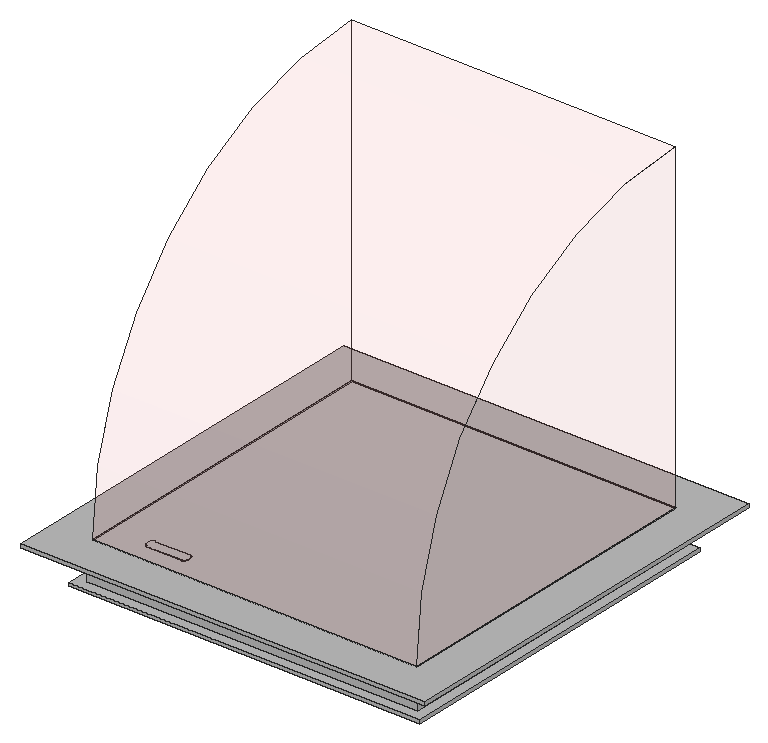
Revit family "Door_Access_Floor_Best-Access-Doors_BA-FFD", category Specialty Equipment, host Face, Revit 2017
Family settings
  Host = Face
  Round Connector Dimension = Use Diameter
  Part Type = Normal
  Cut with Voids When Loaded = No
  Shared = No
  Room Calculation Point = No
Parameters
  halfswing = (Door Width / 2)  # 1' - 0"
  Warranty Duration (Years) = 0
  Unit Width = 2' - 0"
  Unit Weight = 0
  Unit Height = 2' - 0"
  Unit Depth = 0' - 3"
  URL = "https://www.bestaccessdoors.com/"
  Test Data = ""
  Swing Clearance Visible [instance] = yes
  Standards Conformance = "as Specified"
  Specification = ""
  SpecWizard = ""
  SingleSwing [instance] = and(Single Leaf, Swing Clearance Visible)  # yes
  Single Leaf = Unit Width < 4' 0"  # yes
  Sales Information = ""
  Revision = "R1_2017-03"
  Product data url = "https://bimobject.com/best-access-doors/product/floor-hatch-cast-in-place-300lbs"
  Product Properties = ""
  Product Data = ""
  Overall Width = 2' - 6"
  Overall Height = 2' - 6"
  Opening Width = Unit Width  # 2' - 0"
  Opening Height = Unit Height  # 2' - 0"
  Opening Depth [instance] = 1' - 0"
  Model = "As Specified"
  Manufacturer = "Best Access Doors"  # constant formula
  Maintenance Schedule (Months) = 0
  Keynote = ""
  Installation-Fabrication = ""
  Installation Phase = ""
  Green Building-LEED = ""
  Frame Finish [instance] = Metal - Best Access Doors - Aluminum
  Fixture Finish [instance] = Metal - Best Access Doors - Aluminum Diamond Plated
  Expected Lifespan (Years) = 0
  DoubleSwing [instance] = and(Double Leaf, Swing Clearance Visible)  # no
  Double Leaf = not(Single Leaf)  # no
  Door Width = Unit Width  # 2' - 0"
  Door Height = Unit Height  # 2' - 0"
  Description = "Product as Specified"
  Default Elevation = 0' - 0"  # constant formula
  Construction Details = ""
  Clearance Material [instance] = Clearance
  Clear Opening Width = 1' - 8"
  Clear Opening Height = 2' - 0"
  Capacity = "as Specified"
  Available Options [instance] = "as Specified"
  Assembly Code = ""
Reference planes (in)
  plane 1 "Center (Front/Back)": y = 1.28343
  plane 2: z = 0
  plane 3 "Center (Left/Right)": x = 0
  plane 4: y = 13.28343
  plane 5: y = -10.71657
  plane 6: x = -12
  plane 7: x = 12
  plane 8: z = 0
  plane 9: y = 16.28343
  plane 10: y = -13.71657
  plane 11: x = -15
  plane 12: x = 15
  plane 13: z = -3
  plane 14: x = -12
  plane 15: x = 12
  plane 16: y = 13.28343
  plane 17: y = -10.71657
  plane 18: z = -12
Forms (in)
  Extrusion 1, void
    sketch origin (0, 0, 0) x (1, 0, 0) y (0, 1, 0)
      loop
        line (-12, 13.28343) -> (-12, -10.71657) -> (12, -10.71657) -> (12, 13.28343) -> (-12, 13.28343)
    from -12 to 0
  Sweep 2, solid, material "Metal - Best Access Doors - Aluminum" <- "Frame Finish"
    path origin (0, 0, 0) x (1, 0, 0) y (0, 1, 0)
      loop
        line (-15, 16.28343) -> (-15, -13.71657) -> (15, -13.71657) -> (15, 16.28343) -> (-15, 16.28343)
    profile origin (0, 16.28343, 0) x (0, 1, 0) y (0, 0, 1)
      loop
        line (-3, 0) -> (-3, -3) -> (-2, -3) -> (-2, -2.75) -> (-2.75, -2.75) -> (-2.75, -0.25) -> (0, -0.25) -> (0, 0) -> (-3, 0)
  Extrusion 3, solid, material "Metal - Best Access Doors - Aluminum Diamond Plated" <- "Fixture Finish", visible <- "Single Leaf"
    sketch origin (0, 0, 0) x (1, 0, 0) y (0, 1, 0)
      loop
        line (-12, 13.28343) -> (-12, -10.71657) -> (12, -10.71657) -> (12, 13.28343) -> (-12, 13.28343)
    from 0 to -0.25
  Extrusion 4, solid, material "Metal - Best Access Doors - Aluminum" <- "Frame Finish", visible <- "Single Leaf"
    sketch origin (0, 0, 0) x (1, 0, 0) y (0, 1, 0)
      loop
        line (-11.25, 12.53343) -> (-11.25, -9.96489) -> (11.24832, -9.96489) -> (11.24832, 12.53343) -> (-11.25, 12.53343)
    from -2.45734 to -0.25
  Extrusion 5, solid, material "Metal - Best Access Doors - Aluminum Diamond Plated" <- "Fixture Finish", visible <- "Double Leaf"
    sketch origin (0, 0, 0) x (1, 0, 0) y (0, 1, 0)
      loop
        line (-12, 13.28343) -> (-12, -10.71657) -> (0, -10.71657) -> (0, 13.28343) -> (-12, 13.28343)
    from 0 to -0.25
  Extrusion 6, solid, material "Metal - Best Access Doors - Aluminum Diamond Plated" <- "Fixture Finish", visible <- "Double Leaf"
    sketch origin (0, 0, 0) x (-1, 0, 0) y (0, -1, 0)
      loop
        line (-12, -13.28343) -> (0, -13.28343) -> (0, 10.71657) -> (-12, 10.71657) -> (-12, -13.28343)
    from 0 to -0.25
  Extrusion 7, solid, material "Metal - Best Access Doors - Aluminum" <- "Frame Finish", visible <- "Double Leaf"
    sketch origin (0, 0, 0) x (1, 0, 0) y (0, 1, 0)
      loop
        line (-11.25, 12.53343) -> (-11.25, -9.96489) -> (0, -9.96489) -> (0, 12.53343) -> (-11.25, 12.53343)
    from -2.45734 to -0.25
  Extrusion 8, solid, material "Metal - Best Access Doors - Aluminum" <- "Frame Finish", visible <- "Double Leaf"
    sketch origin (0, 0, 0) x (-1, 0, 0) y (0, -1, 0)
      loop
        line (-11.25, -12.53343) -> (0, -12.53343) -> (0, 9.96489) -> (-11.25, 9.96489) -> (-11.25, -12.53343)
    from -2.45734 to -0.25
  Extrusion 9, solid, material "Clearance" <- "Clearance Material", visible <- "DoubleSwing"
    sketch origin (0, 1.28343, 0) x (1, 0, 0) y (0, 0, 1)
      loop
        arc (-0.00289, 0) -> (-3.60833, 8.31456) -> (-12, 11.73669) r 12
        line (-12, 11.73669) -> (-12, 0) -> (-0.00289, 0)
    from -12 to 12
  Extrusion 10, solid, material "Clearance" <- "Clearance Material", visible <- "DoubleSwing"
    sketch origin (0, 1.28343, 0) x (-1, 0, 0) y (0, 0, -1)
      loop
        line (-0.00289, 0) -> (-12, 0) -> (-12, -11.73669)
        arc (-12, -11.73669) -> (-3.60833, -8.31456) -> (-0.00289, 0) r 12
    from -12 to 12
  Sweep 11, void
    path origin (0, 0, 0) x (1, 0, 0) y (0, 1, 0)
      loop
        line (-15, 16.28343) -> (-15, -13.71657) -> (15, -13.71657) -> (15, 16.28343) -> (-15, 16.28343)
    profile origin (0, 16.28343, 0) x (0, 1, 0) y (0, 0, 1)
      loop
        line (-3, 0) -> (-3, -3) -> (-2, -3) -> (-2, -2.75) -> (-2.75, -2.75) -> (-2.75, -0.25) -> (0, -0.25) -> (0, 0) -> (-3, 0)
  Extrusion 12, solid, material "Clearance" <- "Clearance Material", visible <- "SingleSwing"
    sketch origin (0, 0, 0) x (0, 1, 0) y (0, 0, 1)
      loop
        arc (13.28343, 24) -> (-3.68713, 16.97056) -> (-10.71657, 0) r 24
        line (-10.71657, 0) -> (13.28343, 0) -> (13.28343, 24)
    from -12 to 12
  Extrusion 13, solid, material "Metal - Best Access Doors - Aluminum" <- "Frame Finish", visible <- "Single Leaf"
    sketch origin (0, 0, 0) x (1, 0, 0) y (0, 1, 0)
      loop
        arc (-9.05949, -8.62985) -> (-9.23627, -8.70307) -> (-9.30949, -8.87985) r 0.25
        line (-9.30949, -8.87985) -> (-9.30949, -9.14484)
        arc (-9.30949, -9.14484) -> (-9.23627, -9.32161) -> (-9.05949, -9.39484) r 0.25
        line (-9.05949, -9.39484) -> (-6.49699, -9.39484)
        arc (-6.49699, -9.39484) -> (-6.32021, -9.32161) -> (-6.24699, -9.14484) r 0.25
        line (-6.24699, -9.14484) -> (-6.24699, -8.87985)
        arc (-6.24699, -8.87985) -> (-6.32021, -8.70307) -> (-6.49699, -8.62985) r 0.25
        line (-6.49699, -8.62985) -> (-9.05949, -8.62985)
    from 0 to -0.25
  Extrusion 14, solid, material "Metal - Best Access Doors - Aluminum" <- "Frame Finish", visible <- "Double Leaf"
    sketch origin (6.95341, 2.57087, 0) x (0, -1, 0) y (1, 0, 0)
      loop
        arc (-9.05949, -8.62985) -> (-9.23627, -8.70307) -> (-9.30949, -8.87985) r 0.25
        line (-9.30949, -8.87985) -> (-9.30949, -9.14484)
        arc (-9.30949, -9.14484) -> (-9.23627, -9.32161) -> (-9.05949, -9.39484) r 0.25
        line (-9.05949, -9.39484) -> (-6.49699, -9.39484)
        arc (-6.49699, -9.39484) -> (-6.32021, -9.32161) -> (-6.24699, -9.14484) r 0.25
        line (-6.24699, -9.14484) -> (-6.24699, -8.87985)
        arc (-6.24699, -8.87985) -> (-6.32021, -8.70307) -> (-6.49699, -8.62985) r 0.25
        line (-6.49699, -8.62985) -> (-9.05949, -8.62985)
    from 0 to -0.25
Lines and regions (in)
  model lines, visible <- "Single Leaf"
    curve 1: line (-12, -10.71657, 0) -> (0, 13.28728, 0)
    curve 2: line (0, 13.28728, 0) -> (12, -10.71657, 0)
  model lines, visible <- "Double Leaf"
    curve 3: line (0, 13.28343, 0) -> (-12, 1.28343, 0)
    curve 4: line (-12, 1.28343, 0) -> (0, -10.71657, 0)
    curve 5: line (0, -10.71657, 0) -> (12, 1.28343, 0)
    curve 6: line (12, 1.28343, 0) -> (0, 13.28343, 0)
Dimensions and locks (in)
  locked: plane 8 to level
  equal spacing: plane 4, plane 1 "Center (Front/Back)", plane 5
  "Unit Height": plane 4 to plane 5
  equal spacing: plane 6, plane 3 "Center (Left/Right)", plane 7
  "Unit Width": plane 6 to plane 7
  equal spacing: plane 11, plane 3 "Center (Left/Right)", plane 12
  equal spacing: plane 9, plane 1 "Center (Front/Back)", plane 10
  "Overall Width": plane 11 to plane 12
  "Overall Height": plane 9 to plane 10
  "Unit Depth": plane 8 to plane 13
  equal spacing: plane 16, plane 1 "Center (Front/Back)", plane 17
  equal spacing: plane 14, plane 3 "Center (Left/Right)", plane 15
  "Opening Width": plane 14 to plane 15
  "Opening Height": plane 16 to plane 17
  "Opening Depth": level to plane 18
  locked: Extrusion 4 sketch curve to plane 15 at 0.75168
  locked: plane 14 to Extrusion 4 sketch curve at 0.75
  locked: plane 16 to Extrusion 4 sketch curve at 0.75
  locked: Extrusion 4 sketch curve to plane 17 at 0.75168
  locked: plane 16 to Extrusion 7 sketch curve at 0.75
  locked: Extrusion 7 sketch curve to plane 17 at 0.75168
  locked: plane 14 to Extrusion 7 sketch curve at 0.75
  locked: plane 16 to Extrusion 8 sketch curve at 0.75
  locked: Extrusion 8 sketch curve to plane 17 at 0.75168
  locked: Extrusion 8 sketch curve to plane 15 at 0.75
  locked: plane 16 to Sweep 11 sketch curve at 1
  locked: plane 16 to Sweep 11 sketch curve at 0.25
  plane 16 to Sweep 2 sketch curve to Sweep 2 sketch curve = 0' - 0 1/4" locked, 0' - 0 3/4" locked
  plane 16 to Extrusion 14 sketch curve to Extrusion 14 sketch curve = 0' - 1.40307" locked, 0' - 3 1/16" locked
  Extrusion 14 sketch curve to Extrusion 14 sketch curve to plane 3 "Center (Left/Right)" = 0' - 0.76499" locked, 0' - 1.67643" locked
  Extrusion 13 sketch curve to Extrusion 13 sketch curve to plane 17 = 0' - 0.76499" locked, 0' - 1.32173" locked
  plane 14 to Extrusion 13 sketch curve to Extrusion 13 sketch curve = 0' - 2.69051" locked, 0' - 3 1/16" locked
  "halfswing": radius of Extrusion 9 sketch curve
  "halfswing": radius of Extrusion 10 sketch curve
  "Door Height": radius of Extrusion 12 sketch curve
  aligned and locked: host face to plane 2
  aligned and locked: host face to level
  aligned and locked: Extrusion 1 sketch curve to plane 16
  aligned and locked: plane 14 to Extrusion 1 sketch curve
  aligned and locked: plane 17 to Extrusion 1 sketch curve
  aligned and locked: Extrusion 1 sketch curve to plane 15
  aligned and locked: Extrusion 1 to plane 18
  aligned and locked: plane 8 to Extrusion 1
  aligned and locked: Sweep 2 sketch curve to plane 9
  aligned and locked: plane 11 to Sweep 2 sketch curve
  aligned and locked: plane 10 to Sweep 2 sketch curve
  aligned and locked: Sweep 2 sketch curve to plane 12
  aligned and locked: Extrusion 6 sketch curve to plane 3 "Center (Left/Right)"
  aligned and locked: Extrusion 5 sketch curve to plane 3 "Center (Left/Right)"
  aligned and locked: plane 3 "Center (Left/Right)" to curve 3
  aligned and locked: plane 3 "Center (Left/Right)" to curve 5
  aligned and locked: plane 1 "Center (Front/Back)" to curve 4
  aligned and locked: plane 1 "Center (Front/Back)" to curve 6
  aligned and locked: Extrusion 7 sketch curve to plane 3 "Center (Left/Right)"
  aligned and locked: Extrusion 8 sketch curve to plane 3 "Center (Left/Right)"
  aligned and locked: plane 10 to Sweep 11 sketch curve
  aligned and locked: Sweep 11 sketch curve to plane 12
  aligned and locked: plane 16 to Extrusion 6 sketch curve
  aligned and locked: plane 15 to Extrusion 6 sketch curve
  aligned and locked: Extrusion 6 sketch curve to plane 17
  aligned and locked: Extrusion 5 sketch curve to plane 16
  aligned and locked: plane 17 to Extrusion 5 sketch curve
  aligned and locked: plane 14 to Extrusion 5 sketch curve
  aligned and locked: plane 14 to Extrusion 3 sketch curve
  aligned and locked: Extrusion 3 sketch curve to plane 16
  aligned and locked: Extrusion 3 sketch curve to plane 15
  aligned and locked: plane 17 to Extrusion 3 sketch curve
  aligned and locked: plane 4 to Extrusion 10
  aligned and locked: Extrusion 10 to plane 5
  aligned and locked: Extrusion 9 to plane 5
  aligned and locked: plane 4 to Extrusion 9
  aligned and locked: plane 14 to Extrusion 9 sketch curve
  aligned and locked: plane 15 to Extrusion 10 sketch curve
  aligned and locked: plane 16 to Extrusion 12 sketch curve
  aligned and locked: plane 7 to Extrusion 12
  aligned and locked: Extrusion 12 to plane 6
  aligned and locked: plane 9 to Sweep 11 sketch curve
  aligned and locked: plane 9 to Sweep 2 sketch curve
  aligned and locked: plane 3 "Center (Left/Right)" to curve 1
  aligned and locked: plane 16 to curve 3
  aligned and locked: plane 17 to curve 4
Automatic sketch dimensions
  host sketch curve to host sketch curve = 12' - 11.75605"
  host sketch curve to host sketch curve = 12' - 7.74281"
  Sweep 2 sketch curve to level = 0' - 0"
  Sweep 2 sketch curve to Sweep 2 sketch curve = 0' - 0 1/4"  (x3)
  Sweep 2 sketch curve to Sweep 2 sketch curve = 0' - 2 1/2"
  curve 1 to Extrusion 3 = 0' - 0"  (x2)
  Extrusion 3 to curve 2 = 0' - 0"
  curve 2 to Extrusion 3 = 0' - 0"
  Extrusion 3 to curve 2 = 0' - 0.00385"
  Extrusion 9 sketch curve to level = 0' - 0"
  Extrusion 9 sketch curve to plane 3 "Center (Left/Right)" = 0' - 0.00289"
  Extrusion 10 sketch curve to level = 0' - 0"
  Extrusion 10 sketch curve to plane 3 "Center (Left/Right)" = 0' - 0.00289"
  Sweep 11 sketch curve to plane 11 = 0' - 0"
  Sweep 11 sketch curve to plane 9 = 0' - 0"
  Sweep 11 sketch curve to level = 0' - 0"
  Sweep 11 sketch curve to Sweep 11 sketch curve = 0' - 0 1/4"  (x3)
  Sweep 11 sketch curve to Sweep 11 sketch curve = 0' - 2 1/2"
  Extrusion 12 sketch curve to level = 0' - 0"
  Extrusion 12 sketch curve to plane 5 = 0' - 0"
  Extrusion 13 sketch curve to Extrusion 13 sketch curve = 0' - 0 1/4"  (x3)
  Extrusion 13 sketch curve to Extrusion 13 sketch curve = 0' - 0"
  Extrusion 14 sketch curve to Extrusion 14 sketch curve = 0' - 0 1/4"  (x3)
  Extrusion 14 sketch curve to Extrusion 14 sketch curve = 0' - 0"
